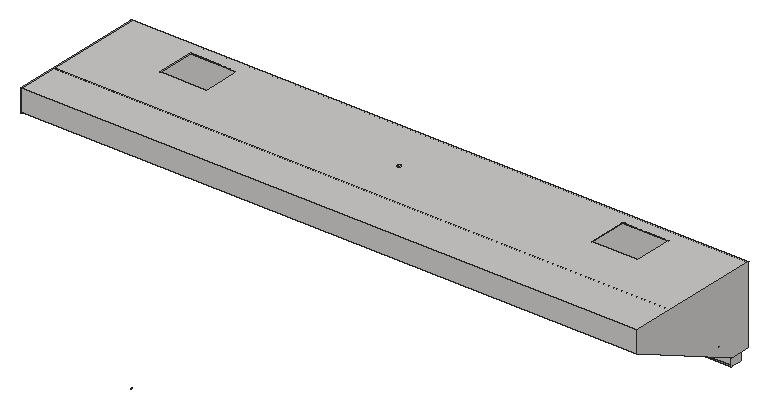
Revit family "QF_ELECTROLUXPROFESSIONAL_644211_AMPV940DT", category Attrezzature speciali, Revit 2021
Family settings
  Quota connettore circolare = Usa diametro
  Tipo di parte = Normale
  Basato su piano di lavoro = No
  Sempre verticale = Sì
  Taglio con vuoti quando caricato = No
  Condiviso = No
  Punto di calcolo locali = No
Parameters (values of type "Standard")
  Weight = 114.00 kg
  Watts = 840 W
  Volts = 220 V
  URL Manufacturer = "https://www.electroluxprofessional.com/"
  URL = "https://www.electroluxprofessional.com/"
  Steam Supply Size = 0 mm
  Steam Supply Minimum Pressure = 0.0 Pa
  Steam Supply Maximum Pressure = 0.0 Pa
  Steam Consumption per Hour = 0
  Refrigeration Suction Line Size = 0 mm
  Refrigeration Liquid Line Size = 0 mm
  Refrigerant Compressor Remote = yes
  Prospetto di default = 0 mm
  Produttore = "Electrolux Professional"
  Phase = 1
  Modello = "AMPV940DT"
  Length Actual = 4000 mm  # constant formula
  Item Number = "644211"
  Hot Water Size = 0 mm
  Height Actual = 500 mm  # constant formula
  HP = "1.1 HP"
  Gas Size = 0 mm
  Gas KW = 0
  Gas Input Pressure = 0 W
  Direct Waste Size = 0 mm
  Descrizione = "304 S/S WALL HOOD+FILTERS+FAN 4000X900MM"
  Depth Actual = 900 mm  # constant formula
  Cycle = 50 Hz
  Condensate Return Size = 0 mm
  Compressed Air Volume = 0.0 L/s
  Compressed Air Size = 0 mm
  Compressed Air Pressure = 0.0 Pa
  Cold Water Size = 0 mm
  Accessory = yes
Reference planes
  plane 1: z = 0
  plane 2 "Center (Left/Right)": x = 150
  plane 3 "LEFT": x = -1850
  plane 4 "RIGHT": x = 2150
  plane 5 "BACK": y = 550
  plane 6 "Plane": z = 2000
  plane 7 "TOP": z = 2140
  plane 8 "Base": z = 1640
  plane 9: z = 1566
  plane 10 "DrainY": y = 485
  plane 11: x = -1847
  plane 12: through (0, 414.509, 1640.8) normal (0, 0.7314, 0.682)
  plane 13: y = 470
  plane 14: y = 220
  plane 15 "DrainX": x = 2030
  plane 16: x = -1100
  plane 17: x = 1400
  plane 18: x = -1400
  plane 19: x = 1700
  plane 20: x = 2147
  plane 21: x = 1940
  plane 22: x = 2120
  plane 23: x = -1810
  plane 24: x = -1445
  plane 25: x = -1050
  plane 26: x = 2110
  plane 27: x = 1745
  plane 28: x = 1350
  plane 29: x = -47.5
  plane 30: x = 347.5
  plane 31: y = 100
  plane 32: y = -350
Forms (mm)
  Extrusion 1, solid, material "QF_Finishes_Stainless Steel"
    sketch origin (-1850, 0, 0) x (0, 1, 0) y (0, 0, 1)
      loop
        line (550, 1640) -> (550, 2140) -> (-350, 2140) -> (-350, 1999.112) -> (413.973, 1640) -> (550, 1640)
    from 0 to 3
  Extrusion 2, solid, material "QF_Finishes_Stainless Steel"
    sketch origin (150, 0, 0) x (0, 1, 0) y (0, 0, 1)
      loop
        line (415.255, 1640) -> (550, 1640) -> (550, 2139.19) -> (549.2, 2139.19) -> (549.2, 1640.8) -> (415.876, 1640.8) -> (339.347, 1722.867) -> (349.609, 1732.436) -> (348.927, 1733.167) -> (337.934, 1722.917) -> (415.255, 1640)
      loop
        line (-82.203, 2139.19) -> (-82.203, 2118.6) -> (-31.047, 2118.6) -> (34.354, 2048.466) -> (46.028, 2059.352) -> (45.346, 2060.083) -> (34.403, 2049.879) -> (-30.612, 2119.6) -> (-81.203, 2119.6) -> (-81.203, 2139.19) -> (-82.203, 2139.19)
    from -1997 to 1997
  Extrusion 3, solid, material "QF_Finishes_Stainless Steel"
    sketch origin (2150, 0, 0) x (0, 1, 0) y (0, 0, 1)
      loop
        line (550, 1640) -> (550, 2140) -> (-350, 2140) -> (-350, 1999.112) -> (413.973, 1640) -> (550, 1640)
    from 0 to -3
  Extrusion 4, solid, material "QF_Finishes_Stainless Steel"
    sketch origin (150, 0, 0) x (0, 1, 0) y (0, 0, 1)
      loop
        line (-350, 2140) -> (-350, 2000) -> (-349.2, 2000) -> (-349.2, 2139.19) -> (550, 2139.19) -> (550, 2140) -> (-350, 2140)
    from -2000 to 2000
  Extrusion 5, solid, material "QF_Finishes_Stainless Steel"
    sketch origin (150, 0, 0) x (0, 1, 0) y (0, 0, 1)
      loop
        line (534, 1640) -> (436, 1640) -> (436, 1627) -> (443.5, 1627) -> (443.5, 1576)
        arc (443.5, 1576) -> (446.429, 1568.929) -> (453.5, 1566) r 10
        line (453.5, 1566) -> (516.5, 1566)
        arc (516.5, 1566) -> (523.571, 1568.929) -> (526.5, 1576) r 10
        line (526.5, 1576) -> (526.5, 1627) -> (534, 1627) -> (534, 1640)
    from 1790 to 1970
  Extrusion 6, solid, material "QF_Finishes_Stainless Steel"
    sketch origin (0, 0, 1640) x (0, 1, 0) y (-1, 0, 0)
      loop
        circle (485, -2030) r 20
    from -76 to -74
  Extrusion 7, solid, material "QF_Finished_Chrome"
    sketch origin (150, 0, 0) x (0, 1, 0) y (0, 0, 1)
      loop
        line (337.934, 1722.917) -> (341.591, 1726.327) -> (38.011, 2051.876) -> (34.354, 2048.466) -> (337.934, 1722.917)
    from -1595 to -1960
  Extrusion 8, solid, material "QF_Finished_Chrome"
    sketch origin (150, 0, 0) x (0, 1, 0) y (0, 0, 1)
      loop
        line (337.934, 1722.917) -> (341.591, 1726.327) -> (38.011, 2051.876) -> (34.354, 2048.466) -> (337.934, 1722.917)
    from -197.5 to -1200
  Extrusion 9, solid, material "QF_Finishes_Stainless Steel"
    sketch origin (150, 0, 0) x (0, 1, 0) y (0, 0, 1)
      loop
        line (337.934, 1722.917) -> (341.591, 1726.327) -> (38.011, 2051.876) -> (34.354, 2048.466) -> (337.934, 1722.917)
    from 1997 to 1960
  Extrusion 10, solid, material "QF_Finishes_Stainless Steel"
    sketch origin (150, 0, 0) x (0, 1, 0) y (0, 0, 1)
      loop
        line (341.588, 1726.324) -> (38.009, 2051.874) -> (34.354, 2048.466) -> (337.934, 1722.917) -> (341.588, 1726.324)
    from -1595 to -1200
  Extrusion 11, solid, material "QF_Finished_Chrome"
    sketch origin (150, 0, 0) x (0, 1, 0) y (0, 0, 1)
      loop
        line (341.588, 1726.324) -> (38.009, 2051.874) -> (34.354, 2048.466) -> (337.934, 1722.917) -> (341.588, 1726.324)
    from 1595 to 1960
  Extrusion 12, void
    sketch origin (0, 0, 2140) x (0, 1, 0) y (-1, 0, 0)
      loop
        line (470, 1400) -> (220, 1400) -> (220, 1100) -> (470, 1100) -> (470, 1400)
    from 0 to -10
  Extrusion 13, void
    sketch origin (940, 0, 2140) x (0, 1, 0) y (-1, 0, 0)
      loop
        line (470, -460) -> (220, -460) -> (220, -760) -> (470, -760) -> (470, -460)
    from 0 to -10
  Extrusion 14, solid, material "QF_Finishes_Stainless Steel"
    sketch origin (0, 0, 0) x (1, 0, 0) y (0, 1, 0)
      loop
        line (-1850, 550) -> (-1850, 549) -> (-1849, 549) -> (-1849, 550) -> (-1850, 550)
    from 0 to 1
  Extrusion 15, solid, material "QF_Finishes_Stainless Steel"
    sketch origin (150, 0, 0) x (0, 1, 0) y (0, 0, 1)
      loop
        line (337.934, 1722.917) -> (341.591, 1726.327) -> (38.011, 2051.876) -> (34.354, 2048.466) -> (337.934, 1722.917)
    from -1960 to -1997
  Extrusion 16, solid, material "QF_Finishes_Stainless Steel"
    sketch origin (150, 0, 0) x (0, 1, 0) y (0, 0, -1)
      loop
        line (341.588, -1726.324) -> (337.934, -1722.917) -> (34.354, -2048.466) -> (38.009, -2051.874) -> (341.588, -1726.324)
    from -1595 to -1200
  Extrusion 17, solid, material "QF_Finished_Chrome"
    sketch origin (150, 0, 0) x (0, 1, 0) y (0, 0, 1)
      loop
        line (337.934, 1722.917) -> (341.591, 1726.327) -> (38.011, 2051.876) -> (34.354, 2048.466) -> (337.934, 1722.917)
    from 1200 to 197.5
  Extrusion 18, solid, material "QF_Finishes_Stainless Steel"
    sketch origin (150, 0, 0) x (0, 1, 0) y (0, 0, -1)
      loop
        line (341.588, -1726.324) -> (337.934, -1722.917) -> (34.354, -2048.466) -> (38.009, -2051.874) -> (341.588, -1726.324)
    from -197.5 to 197.5
  Extrusion 19, solid, material "QF_Finishes_Stainless Steel"
    sketch origin (0, 0, 2140) x (0, 1, 0) y (-1, 0, 0)
      loop
        circle (220, -150) r 10
    from 0 to 1.6
Cuts and joins
  Extrusion 12, Extrusion 13 cuts Extrusion 4
  joined: Extrusion 2, Extrusion 4
Lines and regions (mm)
  reference lines
    curve 1: line (150, 34.354, 2048.466) -> (150, 34.354, 1888.466)
  symbolic lines, style "SpecialityEquipment", detail levels coarse
    curve 2: line (2150, 550, 2140) -> (-1850, 550, 2140)
    curve 3: line (-1850, 550, 2140) -> (-1850, -350, 2140)
    curve 4: line (2150, -350, 2140) -> (2150, 550, 2140)
    curve 5: line (-1850, -350, 2140) -> (2150, -350, 2140)
    curve 6: line (-1400, 220, 2140) -> (-1100, 220, 2140)
    curve 7: line (-1400, 470, 2140) -> (-1400, 220, 2140)
    curve 8: line (-1100, 470, 2140) -> (-1400, 470, 2140)
    curve 9: line (-1100, 220, 2140) -> (-1100, 470, 2140)
    curve 10: line (1400, 470, 2140) -> (1400, 220, 2140)
    curve 11: line (1400, 220, 2140) -> (1700, 220, 2140)
    curve 12: line (1700, 470, 2140) -> (1400, 470, 2140)
    curve 13: line (1700, 220, 2140) -> (1700, 470, 2140)
  symbolic lines, detail levels coarse
    curve 14: line (-1850, -350, 0) -> (2150, 550, 0)
    curve 15: line (-1850, 550, 0) -> (2150, -350, 0)
Dimensions and locks
  plane 3 "LEFT" to plane 4 "RIGHT" = 4000 mm
  equal spacing: plane 3 "LEFT", plane 2 "Center (Left/Right)", plane 4 "RIGHT"
  locked: plane 6 "Plane" to level at 2000
  plane 7 "TOP" to plane 6 "Plane" = 140 mm
  locked: plane 7 "TOP" to plane 8 "Base" at 500
  plane 8 "Base" to plane 9 = 74 mm
  plane 5 "BACK" to plane 10 "DrainY" = 65 mm  (x2)
  plane 3 "LEFT" to plane 11 = 3 mm
  plane 5 "BACK" to plane 13 = 80 mm
  plane 13 to plane 14 = 250 mm  (x2)
  plane 15 "DrainX" to plane 4 "RIGHT" = 120 mm
  locked: plane 16 to plane 17 at 2500
  equal spacing: plane 16, plane 2 "Center (Left/Right)", plane 17
  plane 18 to plane 16 = 300 mm
  plane 17 to plane 19 = 300 mm
  plane 20 to plane 4 "RIGHT" = 3 mm
  locked: plane 21 to plane 15 "DrainX" at 90
  locked: plane 15 "DrainX" to plane 22 at 90
  plane 13 to plane 5 "BACK" = 80 mm
  locked: plane 3 "LEFT" to plane 23 at 40
  locked: plane 23 to plane 24 at 365
  locked: plane 24 to plane 25 at 395
  locked: plane 26 to plane 27 at 365
  locked: plane 27 to plane 28 at 395
  locked: plane 26 to plane 4 "RIGHT" at 40
  locked: plane 29 to plane 30 at 395
  equal spacing: plane 29, plane 2 "Center (Left/Right)", plane 30
  plane 25 to plane 29 = 1002.5 mm
  plane 30 to plane 28 = 1002.5 mm
  plane 5 "BACK" to plane 32 = 900 mm  (x2)
  equal spacing: plane 5 "BACK", plane 31, plane 32
  aligned and locked: level to plane 1
  aligned and locked: Extrusion 2 to Extrusion 1
  aligned and locked: Extrusion 2 to Extrusion 3
  aligned and locked: plane 4 "RIGHT" to Extrusion 4
  aligned and locked: Extrusion 4 to plane 3 "LEFT"
  aligned and locked: plane 20 to Extrusion 9
  aligned and locked: plane 18 to Extrusion 12
  aligned and locked: Extrusion 12 to plane 16
  aligned and locked: Extrusion 12 to plane 14
  aligned and locked: Extrusion 12 to plane 13
  aligned and locked: Extrusion 13 to plane 19
  aligned and locked: plane 17 to Extrusion 13
  aligned and locked: Extrusion 2 to Extrusion 4
  aligned and locked: plane 22 to Extrusion 5
  aligned and locked: Extrusion 5 to plane 21
  aligned and locked: Extrusion 9 to plane 26
  aligned and locked: Extrusion 11 to plane 26
  aligned and locked: Extrusion 11 to plane 27
  aligned and locked: Extrusion 8 to plane 25
  aligned and locked: plane 25 to Extrusion 10
  aligned and locked: Extrusion 10 to plane 24
  aligned and locked: plane 24 to Extrusion 7
  aligned and locked: Extrusion 7 to plane 23
  aligned and locked: Extrusion 15 to plane 11
  aligned and locked: plane 23 to Extrusion 15
  aligned and locked: Extrusion 16 to plane 28
  aligned and locked: Extrusion 16 to plane 27
  aligned and locked: Extrusion 3 to plane 20
  aligned and locked: plane 29 to Extrusion 8
  aligned and locked: Extrusion 17 to plane 28
  aligned and locked: Extrusion 17 to plane 30
  aligned and locked: plane 30 to Extrusion 18
  aligned and locked: Extrusion 18 to plane 29
Automatic sketch dimensions
  curve 5 to plane 3 "LEFT" = 0 mm
  curve 9 to plane 14 = 0 mm
  curve 10 to plane 14 = 0 mm
  plane 13 to curve 8 = 0 mm
  plane 13 to curve 12 = 0 mm
  curve 3 to plane 5 "BACK" = 0 mm
  curve 5 to plane 4 "RIGHT" = 0 mm
  curve 11 to plane 19 = 0 mm
  curve 10 to plane 17 = 0 mm
  curve 6 to plane 16 = 0 mm
  curve 6 to plane 18 = 0 mm
  Extrusion 2 sketch curve to plane 12 = 0 mm  (x3)
  Extrusion 2 sketch curve to plane 8 "Base" = 0 mm
  plane 12 to Extrusion 2 sketch curve = 0 mm
  Extrusion 2 sketch curve to plane 5 "BACK" = 0 mm
  Extrusion 2 sketch curve to Extrusion 2 sketch curve = 65.646 mm
  Extrusion 2 sketch curve to Extrusion 2 sketch curve = 0.682 mm  (x2)
  Extrusion 2 sketch curve to Extrusion 2 sketch curve = 10.261 mm
  plane 8 "Base" to Extrusion 2 sketch curve = 82.917 mm
  Extrusion 2 sketch curve to Extrusion 2 sketch curve = 10.942 mm
  Extrusion 2 sketch curve to Extrusion 2 sketch curve = 0.049 mm
  Extrusion 2 sketch curve to plane 7 "TOP" = 20.4 mm
  Extrusion 2 sketch curve to plane 7 "TOP" = 21.4 mm
  Extrusion 2 sketch curve to plane 7 "TOP" = 0.81 mm  (x2)
  Extrusion 2 sketch curve to Extrusion 2 sketch curve = 50.156 mm
  Extrusion 2 sketch curve to Extrusion 2 sketch curve = 1 mm
  plane 8 "Base" to Extrusion 2 sketch curve = 0.8 mm
  Extrusion 2 sketch curve to plane 5 "BACK" = 0.8 mm
  Extrusion 3 sketch curve to plane 8 "Base" = 0 mm
  Extrusion 3 sketch curve to plane 5 "BACK" = 0 mm
  Extrusion 3 sketch curve to plane 7 "TOP" = 0 mm
  plane 13 to Extrusion 3 sketch curve = 56.027 mm
  Extrusion 4 sketch curve to plane 6 "Plane" = 0 mm
  Extrusion 4 sketch curve to plane 5 "BACK" = 0 mm
  Extrusion 4 sketch curve to plane 7 "TOP" = 0 mm
  Extrusion 4 sketch curve to plane 7 "TOP" = 0.81 mm
  curve 1 to plane 12 = 0 mm
  curve 1 to plane 6 "Plane" = 111.534 mm
  Extrusion 5 sketch curve to plane 8 "Base" = 0 mm
  Extrusion 5 sketch curve to plane 9 = 0 mm
  Extrusion 5 sketch curve to plane 8 "Base" = 13 mm  (x2)
  plane 13 to Extrusion 5 sketch curve = 34 mm
  Extrusion 5 sketch curve to Extrusion 5 sketch curve = 7.5 mm  (x2)
  Extrusion 5 sketch curve to Extrusion 5 sketch curve = 10 mm
  plane 10 "DrainY" to Extrusion 5 sketch curve = 31.5 mm
  Extrusion 5 sketch curve to plane 5 "BACK" = 23.5 mm
  Extrusion 6 sketch curve to plane 10 "DrainY" = 0 mm
  Extrusion 6 sketch curve to plane 15 "DrainX" = 0 mm
  Extrusion 7 sketch curve to plane 12 = 0 mm  (x2)
  Extrusion 7 sketch curve to Extrusion 7 sketch curve = 3.657 mm
  plane 8 "Base" to Extrusion 7 sketch curve = 82.917 mm
  Extrusion 8 sketch curve to plane 12 = 0 mm  (x2)
  Extrusion 8 sketch curve to Extrusion 8 sketch curve = 3.657 mm
  plane 8 "Base" to Extrusion 8 sketch curve = 82.917 mm
  Extrusion 9 sketch curve to plane 12 = 0 mm  (x2)
  Extrusion 9 sketch curve to Extrusion 9 sketch curve = 3.657 mm
  plane 8 "Base" to Extrusion 9 sketch curve = 82.917 mm
  Extrusion 10 sketch curve to plane 12 = 0 mm  (x2)
  Extrusion 10 sketch curve to Extrusion 10 sketch curve = 3.655 mm
  plane 8 "Base" to Extrusion 10 sketch curve = 82.917 mm
  Extrusion 11 sketch curve to plane 12 = 0 mm  (x2)
  Extrusion 11 sketch curve to Extrusion 11 sketch curve = 3.655 mm
  plane 8 "Base" to Extrusion 11 sketch curve = 82.917 mm
  Extrusion 12 sketch curve to plane 14 = 0 mm
  plane 13 to Extrusion 12 sketch curve = 0 mm
  Extrusion 12 sketch curve to plane 16 = 0 mm
  Extrusion 12 sketch curve to plane 18 = 0 mm
  Extrusion 13 sketch curve to plane 14 = 0 mm
  plane 13 to Extrusion 13 sketch curve = 0 mm
  Extrusion 13 sketch curve to plane 19 = 0 mm
  Extrusion 13 sketch curve to plane 17 = 0 mm
  Extrusion 14 sketch curve to plane 3 "LEFT" = 0 mm
  Extrusion 14 sketch curve to plane 5 "BACK" = 0 mm
  plane 3 "LEFT" to Extrusion 14 sketch curve = 1 mm
  Extrusion 14 sketch curve to Extrusion 14 sketch curve = 1 mm
  Extrusion 15 sketch curve to plane 12 = 0 mm  (x2)
  Extrusion 15 sketch curve to Extrusion 15 sketch curve = 3.657 mm
  plane 8 "Base" to Extrusion 15 sketch curve = 82.917 mm
  Extrusion 16 sketch curve to plane 12 = 0 mm  (x2)
  Extrusion 16 sketch curve to Extrusion 16 sketch curve = 3.655 mm
  plane 8 "Base" to Extrusion 16 sketch curve = 82.917 mm
  Extrusion 17 sketch curve to plane 12 = 0 mm  (x2)
  Extrusion 17 sketch curve to Extrusion 17 sketch curve = 3.657 mm
  plane 8 "Base" to Extrusion 17 sketch curve = 82.917 mm
  Extrusion 18 sketch curve to plane 12 = 0 mm  (x2)
  Extrusion 18 sketch curve to Extrusion 18 sketch curve = 3.655 mm
  plane 8 "Base" to Extrusion 18 sketch curve = 82.917 mm
  Extrusion 4 sketch curve to Extrusion 4 sketch curve = 0.8 mm
  curve 5 to plane 14 = 570 mm
  plane 6 "Plane" to Extrusion 2 sketch curve = 48.466 mm
  Extrusion 4 sketch curve to plane 14 = 569.2 mm
  curve 1 to plane 14 = 185.646 mm
  plane 6 "Plane" to Extrusion 7 sketch curve = 51.876 mm
  plane 6 "Plane" to Extrusion 8 sketch curve = 51.876 mm
  plane 6 "Plane" to Extrusion 9 sketch curve = 51.876 mm
  plane 6 "Plane" to Extrusion 10 sketch curve = 51.874 mm
  plane 6 "Plane" to Extrusion 11 sketch curve = 51.874 mm
  plane 6 "Plane" to Extrusion 15 sketch curve = 51.876 mm
  plane 6 "Plane" to Extrusion 16 sketch curve = 51.874 mm
  plane 6 "Plane" to Extrusion 17 sketch curve = 51.876 mm
  plane 6 "Plane" to Extrusion 18 sketch curve = 51.874 mm
  Extrusion 1 sketch curve to plane 32 = 0 mm
  Extrusion 1 sketch curve to plane 8 "Base" = 0 mm
  Extrusion 1 sketch curve to plane 5 "BACK" = 0 mm
  Extrusion 1 sketch curve to plane 7 "TOP" = 0 mm
  plane 13 to Extrusion 1 sketch curve = 56.027 mm
  Extrusion 1 sketch curve to plane 6 "Plane" = 0.888 mm
  Extrusion 3 sketch curve to plane 32 = 0 mm
  Extrusion 3 sketch curve to plane 6 "Plane" = 0.888 mm
  curve 15 to plane 3 "LEFT" = 0 mm
  curve 14 to plane 3 "LEFT" = 0 mm
  curve 15 to plane 4 "RIGHT" = 0 mm
  curve 14 to plane 4 "RIGHT" = 0 mm
  curve 15 to plane 32 = 0 mm
  curve 14 to plane 32 = 0 mm
  curve 15 to plane 5 "BACK" = 0 mm
  curve 14 to plane 5 "BACK" = 0 mm
  Extrusion 19 sketch curve to plane 2 "Center (Left/Right)" = 0 mm
  Extrusion 19 sketch curve to plane 14 = 0 mm
  radius of Extrusion 6 sketch curve = 20 mm
  radius of Extrusion 19 sketch curve = 10 mm
Connectors
  piping at (2030, 485, 1564), diameter 20
    settings: on Extrusion 6, index 1, connector inside diameter 609.6 mm, connector length 0 mm, flow factor 0, pipe flow 0.0 L/s, pressure drop 0.0 Pa, fitting loss kfactor 0, connector angle 0.00°, fixture units 0, engagement length 0 mm, angle of deflection 0.00°, flow configuration 1, flow direction 2, fitting loss method 0, system type 16, joint type 0, gender type 0, connector reference index -1, connector utility 0, adjustable connector no, is connector primary yes, connector description "Drain"
  hvac at (-1250, 345, 2140)
    settings: on Extrusion 12, index 2, duct flow 0.0 L/s, flow factor 0, pres drop 0.0 Pa, loss coef 0, conn angle 0.00°, conn width 250 mm, conn height 300 mm, conn diameter 609.6 mm, duct sys type 3, conn prof type 1, flow config 1, flow direction 2, loss method 0, conn ref index -1, conn util no, is conn primary yes, conn desc "EXHAUST OUTLET"
  hvac at (1550, 345, 2140)
    settings: on Extrusion 13, index 3, duct flow 0.0 L/s, flow factor 0, pres drop 0.0 Pa, loss coef 0, conn angle 0.00°, conn width 250 mm, conn height 300 mm, conn diameter 609.6 mm, duct sys type 3, conn prof type 1, flow config 1, flow direction 2, loss method 0, conn ref index -1, conn util no, is conn primary no, conn desc "EXHAUST OUTLET"
  electrical at (150, 220, 2141.6), driven by "Volts"
    settings: on Extrusion 19, index 4, voltage 220 V, apparent load 0 VA, apparent load phase1 0 VA, apparent load phase2 0 VA, apparent load phase3 0 VA, power factor 1, load classification "Other", number of poles 1, system type 30, power factor state 1, is connector primary yes, connector utility no, sub classification motor no, connector description "Electrical Connection"
